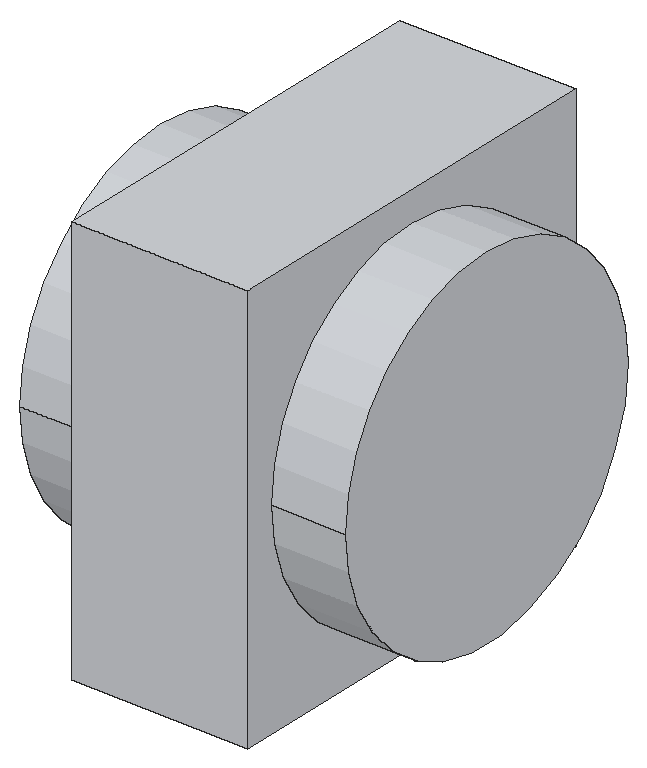
Revit family "M_Fire Damper - Round", category Duct Accessories, Revit 2020
Family settings
  Round Connector Dimension = Use Radius
  Part Type = Damper
  OmniClass Number = 23.60.70.11.11
  OmniClass Title = Fire Dampers
  Work Plane-Based = No
  Always vertical = Yes
  Cut with Voids When Loaded = No
  Shared = No
Parameters (values of type "Round")
  Default Elevation = 0 mm
  Damper Length = 150 mm
  Round Collar Length [instance] = 64 mm
  Pressure Drop [instance] = 0.0 Pa
  Fire Damper Material = none
  Damper Width [instance] = Damper Height  # 350 mm
  Damper Height [instance] = Duct Diameter + 50 mm  # 350 mm
  Duct Radius [instance] = 150 mm
  Duct Diameter [instance] = Duct Radius * 2  # 300 mm
Reference planes
  plane 1 "Center (Front/Back)": y = 0
  plane 2: z = 0
  plane 3 "Center (Left/Right)": x = 0
  plane 4: y = 150
  plane 5: y = -150
  plane 6: x = 75
  plane 7: x = -75
  plane 8: x = -139
  plane 9: x = 139
  plane 10: z = 175
  plane 11: z = -175
  plane 12: y = -175
  plane 13: y = 175
Forms (mm)
  Extrusion 1, solid, material <- "Fire Damper Material"
    sketch origin (0, 0, 0) x (0, 1, 0) y (0, 0, 1)
      loop
        line (175, 175) -> (-175, 175) -> (-175, -175) -> (175, -175) -> (175, 175)
    from -75 to 75
  Extrusion 2, solid, material <- "Fire Damper Material"
    sketch origin (0, 0, 0) x (0, 1, 0) y (0, 0, 1)
      loop
        circle (0, 0) r 150
    from -139 to -75
  Extrusion 3, solid, material <- "Fire Damper Material"
    sketch origin (0, 0, 0) x (0, 1, 0) y (0, 0, 1)
      loop
        circle (0, 0) r 150
    from 75 to 139
Cuts and joins
  joined: Extrusion 1, Extrusion 2, Extrusion 3
Lines and regions (mm)
  symbolic lines, detail levels medium+fine
    curve 1: line (-139, 150, 0) -> (-139, -150, 0)
    curve 2: line (139, -150, 0) -> (139, 150, 0)
    curve 3: line (-75, 150, 0) -> (-139, 150, 0)
    curve 4: line (75, 150, 0) -> (139, 150, 0)
    curve 5: line (-75, -150, 0) -> (-139, -150, 0)
    curve 6: line (75, -150, 0) -> (139, -150, 0)
Dimensions and locks
  "Duct Radius": plane 1 "Center (Front/Back)" to plane 4
  "Duct Diameter": plane 4 to plane 5
  equal spacing: plane 7, plane 3 "Center (Left/Right)", plane 6
  "Damper Length": plane 7 to plane 6
  "Round Collar Length": plane 8 to plane 7
  "Round Collar Length": plane 6 to plane 9
  equal spacing: plane 10, plane 2, plane 11
  "Damper Height": plane 10 to plane 11
  equal spacing: plane 13, plane 1 "Center (Front/Back)", plane 12
  "Damper Width": plane 13 to plane 12
  "Duct Radius": radius of Extrusion 2 sketch curve
  "Duct Radius": radius of Extrusion 3 sketch curve
  aligned and locked: plane 10 to Extrusion 1
  aligned and locked: plane 12 to Extrusion 1
  aligned and locked: plane 11 to Extrusion 1
  aligned and locked: plane 13 to Extrusion 1
  aligned and locked: plane 7 to Extrusion 1
  aligned and locked: plane 6 to Extrusion 1
  aligned and locked: plane 1 "Center (Front/Back)" to Extrusion 2 sketch curve
  aligned and locked: plane 2 to Extrusion 2 sketch curve
  aligned and locked: plane 8 to Extrusion 2
  aligned and locked: curve 3 to plane 4
  aligned and locked: plane 4 to curve 4
  aligned and locked: plane 5 to curve 5
  aligned and locked: curve 6 to plane 5
  aligned and locked: plane 9 to curve 4
  aligned and locked: plane 6 to curve 6
  aligned and locked: plane 7 to curve 5
  aligned and locked: plane 8 to curve 5
  aligned and locked: Extrusion 2 to plane 7
  aligned and locked: plane 2 to Extrusion 3 sketch curve
  aligned and locked: plane 1 "Center (Front/Back)" to Extrusion 3 sketch curve
  aligned and locked: plane 9 to Extrusion 3
  aligned and locked: Extrusion 3 to plane 6
Automatic sketch dimensions
  Extrusion 1 sketch curve to plane 10 = 0 mm
  Extrusion 1 sketch curve to plane 12 = 0 mm
  Extrusion 1 sketch curve to plane 11 = 0 mm
  Extrusion 1 sketch curve to plane 13 = 0 mm
  curve 4 to plane 6 = 0 mm
  curve 3 to plane 7 = 0 mm
Connectors
  hvac at (-139, 0, 0), driven by "Duct Radius", driven by "Pressure Drop"
    settings: on Extrusion 2, index 1, duct flow 0.0 L/s, flow factor 0, pres drop 0.0 Pa, loss coef 0, conn angle 0.00°, conn width 304.8 mm, conn height 304.8 mm, conn diameter 300 mm, duct sys type 29, conn prof type 0, flow config 0, flow direction 0, loss method 4, conn ref index 2, conn util no, is conn primary yes, conn desc ""
  hvac at (139, 0, 0), driven by "Duct Radius"
    settings: on Extrusion 3, index 2, duct flow 0.0 L/s, flow factor 0, pres drop 0.0 Pa, loss coef 0, conn angle 0.00°, conn width 304.8 mm, conn height 304.8 mm, conn diameter 300 mm, duct sys type 29, conn prof type 0, flow config 0, flow direction 0, loss method 4, conn ref index 1, conn util no, is conn primary no, conn desc ""
